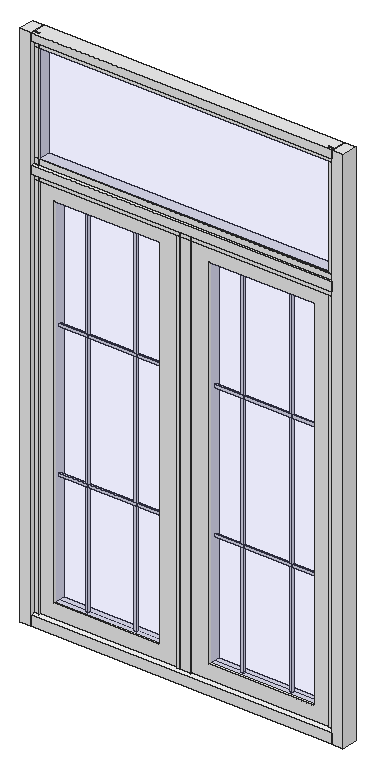
Revit family "Door_Curtain_Wall-Inswing_With_Transom-Traco-NX-8920-Double_Panel", category Curtain Panels, Revit 2015
Parameters (values of type "NX-8920 - Double_Panel-Transom")
  Water Resistance = 12.0000 psf
  Uniform Load Structural = 75.0000 psf
  Uniform Load Deflection = 50.0000 psf
  Transom Panel Width [instance] = Door Width - 0' 4 1/4"  # 5' - 1.25212"
  Transom Panel Height [instance] = Transom Height - 0' 1 1/4"  # 1' - 10 3/4"
  Transom Height [instance] = 2' - 0"
  Product data url = "https://bimobject.com/kawneerna/product/89202"
  Product Page URL = "http://www.alcoa.com/traco/en/product.asp?cat_id=1912&prod_id=4260"
  Product Documentation Link = "http://www.alcoa.com/traco/en/cad_spec.asp?cat_id=1912&prod_id=4260&area=prod"
  Panel Width [instance] = (Door Width / 2) - 0' 3"  # 2' - 5.75106"
  Panel Material [instance] = Aluminum - Traco - Anodized - Gray
  Panel Height [instance] = Door Height - 0' 2 1/2"  # 6' - 9 1/2"
  Muntin Type = Muntin-Grid-Traco-Lites : Interior
  Glass Material [instance] = Glass - Traco - Clear
  Frame Material [instance] = Aluminum - Traco - Anodized - Gray
  Door Width [instance] = if(CTRL Opening Width < Door Width Minimum, Door Width Minimum, if(CTRL Opening Width > Door Width Maximum, Door Width Maximum, CTRL Opening Width))  # 5' - 5.50212"
  Door Height [instance] = Overall Height - Transom Height  # 7' - 0"
  Door Base = 0' - 1 1/8"
  Copyright © = "2011 Traco"  # constant formula
  CTRL Opening Width [instance] = 5' - 5.50212"
  URL = "http://www.alcoa.com/traco/en/home.asp"
  U Factor = "0.40"
  Type Comments = "2 Panel with Transom"
  Test Size = "48\" X 96\""
  Overall Height [instance] = if(CTRL Opening Height < Door Height Minimum, Door Height Minimum, if(CTRL Opening Height > Door Height Maximum, Door Height Maximum, CTRL Opening Height))  # 9' - 0"
  Muntin [instance] = yes
  Model = "NX-8920 With Transom"
  Manufacturer = "Traco"  # constant formula
  CTRL Opening Height [instance] = 9' - 0"
  Forced Entry Resistance = ""
  Door Width Minimum [instance] = 4' - 0"
  Door Width Maximum [instance] = 8' - 0"
  Door Swing Angle [instance] = 90.00°
  Door Height Minimum [instance] = 6' - 0"
  Door Height Maximum [instance] = 10' - 0"
  Designation = "AAMA/WDMA/CSA 101/I.S.2/A-440-05: HS-C50 And AAMA/WDMA/CSA 101/I.S.2/A-440-08:AW-PG50-ATD"
  Description = "Double Door"
  Condensation Resistance = "48"
  Assembly Code = "B2020220"
  Allowable Air Infiltration Maximum = "0.1 @ 6.2 PSF"
Reference planes (in)
  plane 1 "Front": y = 0
  plane 2 "Bottom": z = 0
  plane 3 "Center (Left/Right)": x = 0
  plane 4 "Left": x = -32.75106
  plane 5 "Right": x = 32.75106
  plane 6 "Top": z = 108
  plane 7 "Door Base": z = 1.125
  plane 8 "Muntin Center F_B": y = 2
  plane 9 "Stop Back": y = 0.75
  plane 10 "Left Jamb": x = -30.50106
  plane 11 "Right Jamb": x = 30.50106
  plane 12 "Back": y = 3.25
  plane 13 "Muntin Anchor": y = 2
  plane 14 "Middle Rail Left": x = -0.875
  plane 15 "Middle Rail Right": x = 0.875
Lines and regions (in)
  symbolic lines, detail levels coarse
    curve 1: line (28.63729, 3.375, 0) -> (28.51229, 3.375, 0)
Text (in)
  text "Exterior" at (-54.29358, -19.61257, 0), in view "Ref. Level"
  text "Exterior" at (480, 41.53993, 89.60405), in view "Right"
  text "Exterior" at (-240, 57.82419, 105.78864), in view "Left"
Dimensions and locks (in)
  equal spacing: plane 4 "Left", plane 3 "Center (Left/Right)", plane 5 "Right"
  "Door Base": plane 2 "Bottom" to plane 7 "Door Base"
  "CTRL Opening Width": plane 4 "Left" to plane 5 "Right"
  "CTRL Opening Height": plane 6 "Top" to plane 2 "Bottom"
  "Overall Height": nested 2 to plane 2 "Bottom"
  locked: plane 1 "Front" to plane 9 "Stop Back" at 0.75
  locked: plane 4 "Left" to plane 10 "Left Jamb" at 2.25
  locked: plane 11 "Right Jamb" to plane 5 "Right" at 2.25
  locked: plane 1 "Front" to plane 12 "Back" at 3.25
  equal spacing: plane 12 "Back", plane 13 "Muntin Anchor", plane 9 "Stop Back"
  locked: plane 8 "Muntin Center F_B" to plane 13 "Muntin Anchor" at 0
  locked: plane 14 "Middle Rail Left" to plane 3 "Center (Left/Right)" at 0.875
  locked: plane 3 "Center (Left/Right)" to plane 15 "Middle Rail Right" at 0.875
  aligned and locked: level to plane 2 "Bottom"
  aligned: nested 1 to nested 2
  aligned: nested 1 to plane 7 "Door Base"
  aligned: plane 3 "Center (Left/Right)" to nested 2  (x2)
  aligned and locked: nested 2 to plane 2 "Bottom"
  aligned: plane 7 "Door Base" to nested 10
  aligned: plane 7 "Door Base" to nested 5  (x2)
  aligned and locked: plane 2 "Bottom" to nested 2
  aligned and locked: nested 4 to plane 9 "Stop Back"
  aligned and locked: plane 3 "Center (Left/Right)" to nested 2  (x2)
  aligned and locked: plane 9 "Stop Back" to nested 1
  aligned: plane 11 "Right Jamb" to nested 4  (x2)
  aligned and locked: plane 1 "Front" to nested 2
  aligned: nested 1 to plane 10 "Left Jamb"
  aligned: nested 5 to plane 11 "Right Jamb"
  aligned: nested 10 to plane 10 "Left Jamb"
  aligned and locked: nested 1 to plane 7 "Door Base"
  aligned and locked: plane 7 "Door Base" to nested 4
  aligned and locked: plane 7 "Door Base" to nested 10
  aligned and locked: nested 1 to plane 14 "Middle Rail Left"
  aligned and locked: nested 4 to plane 15 "Middle Rail Right"
  aligned and locked: plane 14 "Middle Rail Left" to nested 10
  aligned and locked: plane 7 "Door Base" to nested 5
  aligned and locked: nested 5 to plane 15 "Middle Rail Right"
  aligned and locked: nested 3 to plane 13 "Muntin Anchor"
  aligned and locked: plane 3 "Center (Left/Right)" to nested 3
  aligned and locked: nested 2 to nested 3
  aligned and locked: nested 4 to plane 12 "Back"
  aligned and locked: plane 12 "Back" to nested 1
Automatic sketch dimensions
  plane 8 "Muntin Center F_B" to curve 1 = 0' - 1 3/8"
  plane 5 "Right" to curve 1 = 0' - 4.23877"
  curve 1 to curve 1 = 0' - 0 1/8"
Nested families (in)
  nested 1: "Door-Glass_Panel-Traco-(TR-8920)" at (5.37394, 3.25, 1.125) x (-1, 0, 0) z (0, 0, 1), Width <- "Panel Width", Height <- "Panel Height", Panel Material <- "Panel Material", Glass Material <- "Glass Material", Angle <- "Door Swing Angle", type "S", detail levels fine
    with built-in parameter 1001301 2' - 5.75106", built-in parameter 1001302 0' - 2 1/2", Panel Offset 0' - 4 1/4", Panel Material Aluminum - Traco - Anodized - Gray, Panel Finish none, built-in parameter 1001300 6' - 9 1/2", Glazing "Low E-Argon", Glass Material Glass - Traco - Clear, Elevation Swing yes, Angle 90.00°
  nested 2: "Door_Frame-Inswing-Traco-(NX-8920)-Double_Panel_With_Transom" at (-24, 1.625, 0), type "Standard Sill"
    with Door Width 5' - 5.50212"
  nested 3: "Door-Glass_Panel-Traco-(TR-8920)-Transom" at (0, 3.25, 84), Height <- "Transom Panel Height", Width <- "Transom Panel Width", Panel Material <- "Panel Material", Glass Material <- "Glass Material", type "T", detail levels fine
    with built-in parameter 1001301 5' - 1.25212", built-in parameter 1001302 0' - 2 1/2", Panel Offset 0' - 4 1/4", Panel Material Aluminum - Traco - Anodized - Gray, Panel Finish none, built-in parameter 1001300 1' - 10 3/4", Glazing "Low E-Argon", Glass Material Glass - Traco - Clear
  nested 4: "Door-Glass_Panel-Traco-(TR-8920)" at (-5.37394, 3.25, 1.125), Width <- "Panel Width", Height <- "Panel Height", Panel Material <- "Panel Material", Glass Material <- "Glass Material", Angle <- "Door Swing Angle", type "S", detail levels fine
    with built-in parameter 1001301 2' - 5.75106", built-in parameter 1001302 0' - 2 1/2", Panel Offset 0' - 4 1/4", Panel Material Aluminum - Traco - Anodized - Gray, Panel Finish none, built-in parameter 1001300 6' - 9 1/2", Glazing "Low E-Argon", Glass Material Glass - Traco - Clear, Elevation Swing yes, Angle 90.00°
  nested 5: "Muntin-Grid-Traco-Lites" at (15.75053, 2, 41.875) x (-1, 0, 0) z (0, -1, 0), type <- "Muntin Type", Sash Height <- "Panel Height", Length <- "Panel Width", visible <- "Muntin", type "Interior"
    with Sash Height 6' - 9 1/2", Material Aluminum - Traco - Anodized - Gray, Length 2' - 5.75106", Glazing Thickness 0' - 0 7/8", CTRL Muntin Vertical Distance 2' - 3.16667", CTRL Muntin Horizontal Distance 0' - 9.91702", CTRL Face Offset 0' - 0 1/4", CTRL Bar Vertical Visibility no, CTRL Bar Horizontal Visibility no, CTRL Array Vertical Visibility yes, CTRL Array Horizontal Visibility yes, Has Interior Muntins yes, Has Exterior Muntins no
  nested 6: "Muntin-Trapezoid-Traco-Single" at (10.79202, 2.1875, 41.875) x (0, 0, -1) z (0, -1, 0), type "Standard Colonial"
    with Material Aluminum - Traco - Anodized - Gray, Length 6' - 9 1/2", Width Top 0' - 0 9/16", Width Base 0' - 0 9/16", Height 0' - 0 5/16"
  nested 7: "Muntin-Trapezoid-Traco-Single" at (15.75053, 2.1875, 55.45833) x (1, 0, 0) z (0, -1, 0), type "Standard Colonial"
    with Material Aluminum - Traco - Anodized - Gray, Length 2' - 5.75106", Width Top 0' - 0 9/16", Width Base 0' - 0 9/16", Height 0' - 0 5/16"
  nested 8: "Muntin-Trapezoid-Traco-Single" at (20.70904, 2.1875, 41.875) x (0, 0, -1) z (0, -1, 0), type "Standard Colonial"
    with Material Aluminum - Traco - Anodized - Gray, Length 6' - 9 1/2", Width Top 0' - 0 9/16", Width Base 0' - 0 9/16", Height 0' - 0 5/16"
  nested 9: "Muntin-Trapezoid-Traco-Single" at (15.75053, 2.1875, 28.29167) x (1, 0, 0) z (0, -1, 0), type "Standard Colonial"
    with Material Aluminum - Traco - Anodized - Gray, Length 2' - 5.75106", Width Top 0' - 0 9/16", Width Base 0' - 0 9/16", Height 0' - 0 5/16"
  nested 10: "Muntin-Grid-Traco-Lites" at (-15.75053, 2, 41.875) x (-1, 0, 0) z (0, -1, 0), type <- "Muntin Type", Sash Height <- "Panel Height", Length <- "Panel Width", visible <- "Muntin", type "Interior"
    with Sash Height 6' - 9 1/2", Material Aluminum - Traco - Anodized - Gray, Length 2' - 5.75106", Glazing Thickness 0' - 0 7/8", CTRL Muntin Vertical Distance 2' - 3.16667", CTRL Muntin Horizontal Distance 0' - 9.91702", CTRL Face Offset 0' - 0 1/4", CTRL Bar Vertical Visibility no, CTRL Bar Horizontal Visibility no, CTRL Array Vertical Visibility yes, CTRL Array Horizontal Visibility yes, Has Interior Muntins yes, Has Exterior Muntins no
  nested 11: "Muntin-Trapezoid-Traco-Single" at (-20.70904, 2.1875, 41.875) x (0, 0, -1) z (0, -1, 0), type "Standard Colonial"
    with Material Aluminum - Traco - Anodized - Gray, Length 6' - 9 1/2", Width Top 0' - 0 9/16", Width Base 0' - 0 9/16", Height 0' - 0 5/16"
  nested 12: "Muntin-Trapezoid-Traco-Single" at (-15.75053, 2.1875, 55.45833) x (1, 0, 0) z (0, -1, 0), type "Standard Colonial"
    with Material Aluminum - Traco - Anodized - Gray, Length 2' - 5.75106", Width Top 0' - 0 9/16", Width Base 0' - 0 9/16", Height 0' - 0 5/16"
  nested 13: "Muntin-Trapezoid-Traco-Single" at (-10.79202, 2.1875, 41.875) x (0, 0, -1) z (0, -1, 0), type "Standard Colonial"
    with Material Aluminum - Traco - Anodized - Gray, Length 6' - 9 1/2", Width Top 0' - 0 9/16", Width Base 0' - 0 9/16", Height 0' - 0 5/16"
  nested 14: "Muntin-Trapezoid-Traco-Single" at (-15.75053, 2.1875, 28.29167) x (1, 0, 0) z (0, -1, 0), type "Standard Colonial"
    with Material Aluminum - Traco - Anodized - Gray, Length 2' - 5.75106", Width Top 0' - 0 9/16", Width Base 0' - 0 9/16", Height 0' - 0 5/16"
Definition of nested family "Door-Glass_Panel-Traco-(TR-8920)"
  Parameters
    Width [instance] = 3' - 0"
    Visible Light Transmission = 0
    URL = "www.integratedcontentsolutions.com"
    U Value = 0
    Type Comments = "Panel theory and model developed by Integrated Content Solutions"  # constant formula
    Thickness [instance] = 0' - 2 3/4"
    Style Right = 0' - 4 1/8"
    Style Left = 0' - 4 1/8"
    Solar Heat Gain Coefficient = 0
    Rail Head = 0' - 4 1/8"
    Rail Bottom = 0' - 4 1/8"
    R Value = 0
    Product Documentation Link = "www.integratedcontentsolutions.com"
    Panel Offset [instance] = 0' - 4 1/4"
    Panel Material [instance] = none
    Panel Finish [instance] = none
    Manufacturer = "Integrated Content Solutions"  # constant formula
    LEED Credit = ""
    Hidden Swing Angle = 90.00°
    Height [instance] = 7' - 0"
    Glazing [instance] = "Low E-Argon"
    Glass Material [instance] = none
    Function = 1
    Energy Star Zone = ""
    Elevation Swing [instance] = yes
    Copyright © = "Integrated Content Solutions © 2009"  # constant formula
    Assembly Code = "C1020110"
    Appear In Schedule = 0 = 1  # no
    Angle [instance] = 90.00°
    Air Leakage = 0
  Reference planes (in)
    plane 1 "Exterior": y = 0
    plane 2 "Bottom": z = 0
    plane 3 "Strike": x = 0
    plane 4 "Interior": y = -2.75
    plane 5 "Hinge": x = 36
    plane 6 "Top": z = 84
    plane 7 "Panel Center of Thickness": y = -1.375
    plane 8 "Glass Interior": y = -2.125
    plane 9 "Glass Exterior": y = -1.125
    plane 10 "Left Inset": x = 4.125
    plane 11 "Right Inset": x = 31.875
    plane 12 "Top Inset": z = 79.875
    plane 13 "Bottom Inset": z = 4.125
    plane 14 "Center L_R": x = 18
  Forms (in)
    Extrusion 1, solid, material <- "Panel Material"
      sketch origin (0, 0, 0) x (1, 0, 0) y (0, 0, 1)
        loop
          line (0, 84) -> (0, 0) -> (36, 0) -> (36, 84) -> (0, 84)
        loop
          line (4.125, 79.875) -> (4.125, 4.125) -> (31.875, 4.125) -> (31.875, 79.875) -> (4.125, 79.875)
      from 0 to 2.75
    Extrusion 2, solid, material <- "Glass Material"
      sketch origin (0, -2.75, 0) x (1, 0, 0) y (0, 0, 1)
        loop
          line (4.125, 79.875) -> (4.125, 4.125) -> (31.875, 4.125) -> (31.875, 79.875) -> (4.125, 79.875)
      from -1.625 to -0.625
  Lines and regions (in)
    Masking region 1
      outline origin (0, 0, 84) x (-1, 0, 0) y (0, -1, 0)
        loop
          line (0, 2.75) -> (-36, 2.75) -> (-36, 0) -> (0, 0) -> (0, 2.75)
    Masking region 2
      outline origin (0, -1.375, 0) x (-1, 0, 0) y (0, 0, 1)
        loop
          line (0, 0) -> (0, 84) -> (-36, 84) -> (-36, 0) -> (0, 0)
        loop
          line (-4.125, 4.125) -> (-4.125, 79.875) -> (-31.875, 79.875) -> (-31.875, 4.125) -> (-4.125, 4.125)
    Masking region 3
      outline origin (18, 0, 0) x (0, 1, 0) y (0, 0, 1)
        loop
          line (-2.75, 0) -> (0, 0) -> (0, 84) -> (-2.75, 84) -> (-2.75, 0)
  Dimensions and locks (in)
    "Width": plane 3 "Strike" to plane 5 "Hinge"
    "Thickness": plane 4 "Interior" to plane 1 "Exterior"
    "Height": plane 6 "Top" to plane 2 "Bottom"
    equal spacing: plane 4 "Interior", plane 7 "Panel Center of Thickness", plane 1 "Exterior"
    locked: plane 9 "Glass Exterior" to plane 8 "Glass Interior" at 1
    "Style Left": plane 10 "Left Inset" to plane 3 "Strike"
    "Style Right": plane 5 "Hinge" to plane 11 "Right Inset"
    "Rail Bottom": plane 13 "Bottom Inset" to plane 2 "Bottom"
    "Rail Head": plane 6 "Top" to plane 12 "Top Inset"
    locked: plane 9 "Glass Exterior" to plane 1 "Exterior" at 1.125
    equal spacing: plane 3 "Strike", plane 14 "Center L_R", plane 5 "Hinge"
    aligned and locked: plane 3 "Strike" to Extrusion 1 sketch curve
    aligned and locked: Extrusion 1 sketch curve to plane 6 "Top"
    aligned and locked: level to Extrusion 1 sketch curve
    aligned and locked: Extrusion 1 sketch curve to plane 5 "Hinge"
    aligned and locked: Extrusion 1 to plane 1 "Exterior"
    aligned and locked: plane 4 "Interior" to Extrusion 1
    aligned and locked: plane 1 "Exterior" to nested 1
    aligned and locked: plane 5 "Hinge" to nested 1
    aligned and locked: level to plane 2 "Bottom"
    aligned and locked: plane 10 "Left Inset" to Extrusion 1 sketch curve
    aligned and locked: Extrusion 1 sketch curve to plane 12 "Top Inset"
    aligned and locked: plane 13 "Bottom Inset" to Extrusion 1 sketch curve
    aligned and locked: Extrusion 1 sketch curve to plane 11 "Right Inset"
    aligned and locked: plane 10 "Left Inset" to Extrusion 2 sketch curve
    aligned and locked: Extrusion 2 sketch curve to plane 12 "Top Inset"
    aligned and locked: plane 13 "Bottom Inset" to Extrusion 2 sketch curve
    aligned and locked: Extrusion 2 sketch curve to plane 11 "Right Inset"
    aligned and locked: plane 9 "Glass Exterior" to Extrusion 2
    aligned and locked: Extrusion 2 to plane 8 "Glass Interior"
    aligned and locked: Masking region 1 sketch curve to plane 1 "Exterior"
    aligned and locked: plane 5 "Hinge" to Masking region 1 sketch curve
    aligned and locked: plane 4 "Interior" to Masking region 1 sketch curve
    aligned and locked: Masking region 1 sketch curve to plane 3 "Strike"
    aligned and locked: plane 6 "Top" to Masking region 2 sketch curve
    aligned and locked: Masking region 2 sketch curve to plane 3 "Strike"
    aligned and locked: plane 5 "Hinge" to Masking region 2 sketch curve
    aligned and locked: Masking region 2 sketch curve to plane 2 "Bottom"
    aligned and locked: plane 12 "Top Inset" to Masking region 2 sketch curve
    aligned and locked: Masking region 2 sketch curve to plane 10 "Left Inset"
    aligned and locked: plane 11 "Right Inset" to Masking region 2 sketch curve
    aligned and locked: Masking region 2 sketch curve to plane 13 "Bottom Inset"
    aligned and locked: plane 6 "Top" to Masking region 3 sketch curve
    aligned and locked: plane 4 "Interior" to Masking region 3 sketch curve
    aligned and locked: Masking region 3 sketch curve to plane 1 "Exterior"
    aligned and locked: Masking region 3 sketch curve to plane 2 "Bottom"
  Nested families (in)
    nested 1: "Plan Swing" at (0, 0, 0), Width <- "Width", Thickness <- "Thickness", Height <- "Height", Angle <- "Angle", Elevation Swing Visibility <- "Elevation Swing", Hidden Swing Angle <- "Hidden Swing Angle", type "Plan Swing"
      with Width 3' - 0", Thickness 0' - 2 3/4", Slide Indicator Visbility no, Plan Swing Visibility yes, Hidden Swing Visibility no, Hidden Swing Angle 90.00°, Hidden Angle CTRL 90.00°, Height 7' - 0", Elevation Swing Visibility yes, Closed Panel Visaibilty no, Angle CTRL 90.00°, Angle 90.00°
  Definition of nested family "Plan Swing"
    Parameters
      Width [instance] = 3' - 0"
      URL = "www.integratedcontentsolutions.com"
      Type Comments = "Swing graphics developed by Integrated Content Solutions"  # constant formula
      Thickness [instance] = 0' - 2"
      Slide Indicator Visbility [instance] = no
      Plan Swing Visibility [instance] = Angle > 0.00°  # yes
      Manufacturer = "Integrated Content Solutions"  # constant formula
      Hidden Swing Visibility [instance] = yes
      Hidden Swing Angle [instance] = 90.00°
      Hidden Angle CTRL [instance] = if(Hidden Swing Angle < 5.00°, 5.00°, if(Hidden Swing Angle > 175.00°, 175.00°, Hidden Swing Angle))  # 90.00°
      Height [instance] = 7' - 0"
      Elevation Swing Visibility [instance] = yes
      Copyright © = "Integrated Content Solutions © 2009"  # constant formula
      Closed Panel Visaibilty [instance] = Angle = 0.00°  # no
      Assembly Code = ""
      Angle CTRL [instance] = if(Angle < 5.00°, 5.00°, if(Angle > 175.00°, 175.00°, Angle))  # 45.00°
      Angle [instance] = 45.00°
    Reference planes (in)
      plane 1 "Exterior": y = 0
      plane 2 "Bottom": z = 0
      plane 3 "Strike": x = 0
      plane 4 "Hinge": x = 36
      plane 5 "Top": z = 84
      plane 6 "Interior": y = -2
    Lines and regions (in)
      model lines
        curve 1: line (0, 0, 0) -> (0, -2, 0)
        curve 2: line (36, -2, 0) -> (36, 0, 0)
      symbolic lines, visible <- "Plan Swing Visibility"
        curve 3: line (36, 0, 0) -> (10.54416, 25.45584, 0)
        curve 4: line (10.54416, 25.45584, 0) -> (9.12994, 24.04163, 0)
        curve 5: line (9.12994, 24.04163, 0) -> (34.58579, -1.41421, 0)
        curve 6: line (34.58579, -1.41421, 0) -> (36, 0, 0)
        curve 13: arc (10.54416, 25.45584, 0) -> (2.74034, 13.7766, 0) -> (0, 0, 0) r 36
      symbolic lines, visible <- "Elevation Swing Visibility"
        curve 7: line (0, -2, 84) -> (36, -2, 42)
        curve 8: line (36, -2, 42) -> (0, -2, 0)
      symbolic lines, visible <- "Hidden Swing Visibility"
        curve 9: line (36, 0, 0) -> (36, 36, 0)
        curve 10: line (36, 36, 0) -> (34, 36, 0)
        curve 11: line (34, 36, 0) -> (34, 0, 0)
        curve 12: line (34, 0, 0) -> (36, 0, 0)
        curve 18: arc (0, 0, 0) -> (10.54416, 25.45584, 0) -> (36, 36, 0) r 36
      symbolic lines, visible <- "Closed Panel Visaibilty"
        curve 14: line (0, 0, 0) -> (36, 0, 0)
        curve 15: line (0, -2, 0) -> (0, 0, 0)
        curve 16: line (36, -2, 0) -> (0, -2, 0)
        curve 17: line (36, 0, 0) -> (36, -2, 0)
      symbolic lines, visible <- "Slide Indicator Visbility"
        curve 19: line (18, -2, 42.16893) -> (15.87868, -2, 44.29025)
        curve 20: line (18, -2, 42.16893) -> (15.87868, -2, 40.04761)
        curve 21: line (18, -2, 42.16893) -> (9, -2, 42.16893)
    Dimensions and locks (in)
      "Width": plane 3 "Strike" to plane 4 "Hinge"
      "Height": plane 5 "Top" to plane 2 "Bottom"
      equal spacing: plane 5 "Top", curve 8, plane 2 "Bottom"
      "Thickness": plane 6 "Interior" to plane 1 "Exterior"
      "Thickness": curve 3 to curve 5
      "Width": curve 6 to curve 4
      "Width": curve 9 to curve 9
      "Thickness": curve 9 to curve 11
      locked: curve 21 to curve 21 at 9
      equal spacing: plane 4 "Hinge", curve 21, plane 3 "Strike"
      locked: curve 3 to curve 6 (angle 90.00°)
      locked: curve 5 to curve 6 (angle 90.00°)
      locked: curve 4 to curve 3 (angle 90.00°)
      locked: curve 9 to curve 12 (angle 90.00°)
      locked: curve 11 to curve 12 (angle 90.00°)
      locked: curve 10 to curve 9 (angle 90.00°)
      "Hidden Angle CTRL": angle curve 9 to plane 1 "Exterior"
      "Angle CTRL": angle curve 3 to plane 1 "Exterior"
      aligned and locked: plane 2 "Bottom" to level
      aligned and locked: plane 1 "Exterior" to curve 2
      aligned and locked: plane 4 "Hinge" to curve 2
      aligned and locked: plane 6 "Interior" to curve 1
      aligned and locked: plane 6 "Interior" to curve 2
      aligned and locked: plane 4 "Hinge" to curve 9
      aligned and locked: curve 1 to plane 3 "Strike"
      aligned and locked: plane 3 "Strike" to curve 15
      aligned and locked: plane 1 "Exterior" to curve 14
    Automatic sketch dimensions
      curve 8 to level = 0' - 0"
      curve 8 to plane 3 "Strike" = 0' - 0"
      curve 7 to plane 3 "Strike" = 0' - 0"
      curve 7 to plane 4 "Hinge" = 0' - 0"
      curve 7 to plane 5 "Top" = 0' - 0"
      curve 19 to curve 20 = 0' - 0"
      curve 20 to curve 20 = 0' - 2.12132"
      curve 20 to curve 7 = 0' - 1.95239"
      curve 20 to curve 19 = 0' - 2.12132"
Definition of nested family "Door_Frame-Inswing-Traco-(NX-8920)-Double_Panel_With_Transom"
  Parameters
    Transom Height = 2' - 0"
    Mullion Thickness = 0' - 2 3/4"
    Jamb Thickness = 0' - 2 1/4"
    Head Thickness = 0' - 1 3/4"
    Frame Material = none
    Frame Depth = 0' - 3 1/4"
    Door Width = 8' - 0"
    Door Height = 7' - 0"
    Assembly Code = ""
  Reference planes (in)
    plane 1 "Center (Front/Back)": y = 0
    plane 2 "Bottom": z = 0
    plane 3 "Center (Left/Right)": x = 24
    plane 4 "Interior": y = 1.625
    plane 5 "Exterior": y = -1.625
    plane 6 "Left Side": x = -24
    plane 7 "Top of Frame": z = 84
    plane 8 "Inside Frame Left Side": x = -21.75
    plane 9 "Inside Frame Right Side": x = 69.75
    plane 10 "Transition": z = 82.25
    plane 11 "Bottom Inset": z = 1.5
    plane 12 "Right Side": x = 72
    plane 13 "Mullion Left Side": x = 22.625
    plane 14 "Mullion Right Side": x = 25.375
    plane 15 "Top": z = 108
    plane 16 "Top Inset": z = 106.5
    plane 17 "Left Jamb": x = -20.625
    plane 18 "Stop Front": y = -1
    plane 19 "Stop Back": y = -0.875
    plane 20 "Middle Rail Left": x = 23.125
    plane 21 "Middle Rail Right": x = 24.875
    plane 22 "Right Jamb": x = 68.625
    plane 23 "Bottom Panel": z = 2.5
    plane 24 "Panel Top": z = 81.125
    plane 25 "Transon Bottom": z = 85.125
    plane 26 "Transom Top": z = 105.375
    plane 27 "Bottom Double Inset": z = 2
  Forms (in)
    Extrusion 1, solid, material <- "Frame Material"
      sketch origin (24, 0, 0) x (0, 1, 0) y (0, 0, 1)
        loop
          line (-1.625, 0) -> (1.625, 0) -> (1.625, 1.5) -> (-0.875, 1.5) -> (-0.875, 2.5) -> (-1.625, 2) -> (-1.625, 0)
      from -45.75 to 45.75
    Extrusion 2, solid, material <- "Frame Material"
      sketch origin (0, 0, 0) x (1, 0, 0) y (0, 1, 0)
        loop
          line (-24, 1.625) -> (-24, -1.625) -> (-21.75, -1.625) -> (-21.75, -1) -> (-20.625, -1) -> (-20.625, -0.875) -> (-21.75, -0.875) -> (-21.75, 1.625) -> (-24, 1.625)
        loop
          line (72, 1.625) -> (69.75, 1.625) -> (69.75, -0.875) -> (68.625, -0.875) -> (68.625, -1) -> (69.75, -1) -> (69.75, -1.625) -> (72, -1.625) -> (72, 1.625)
      from 0 to 108
    Extrusion 3, solid, material <- "Frame Material"
      sketch origin (0, 0, 0) x (1, 0, 0) y (0, 1, 0)
        loop
          line (23.125, 1.625) -> (23.125, -0.875) -> (22.625, -0.875) -> (22.625, -1) -> (25.375, -1) -> (25.375, -0.875) -> (24.875, -0.875) -> (24.875, 1.625) -> (23.125, 1.625)
      from 2 to 82.25
    Extrusion 4, solid, material <- "Frame Material"
      sketch origin (0.2506, 0, 0) x (0, 1, 0) y (0, 0, 1)
        loop
          line (1.625, 108) -> (-1.625, 108) -> (-1.625, 106.5) -> (-1, 106.5) -> (-1, 105.375) -> (-0.875, 105.375) -> (-0.875, 106.5) -> (1.625, 106.5) -> (1.625, 108)
      from -22.0006 to 69.4994
    Extrusion 5, solid, material <- "Frame Material"
      sketch origin (-0.88422, 0, 0) x (0, 1, 0) y (0, 0, 1)
        loop
          line (1.625, 84) -> (-0.875, 84) -> (-0.875, 85.125) -> (-1, 85.125) -> (-1, 84) -> (-1.625, 84) -> (-1.625, 82.25) -> (-1, 82.25) -> (-1, 81.125) -> (-0.875, 81.125) -> (-0.875, 82.25) -> (1.625, 82.25) -> (1.625, 84)
      from -20.86578 to 70.63422
  Lines and regions (in)
    Masking region 1
      outline origin (0, 0, 84) x (-1, 0, 0) y (0, -1, 0)
        loop
          line (24, 1.625) -> (-72, 1.625) -> (-72, -1.625) -> (24, -1.625) -> (24, 1.625)
    Masking region 2
      outline origin (0, 0, 0) x (1, 0, 0) y (0, 0, 1)
        loop
          line (-24, 108) -> (-24, 0) -> (72, 0) -> (72, 108) -> (-24, 108)
        loop
          line (-20.625, 85.125) -> (68.625, 85.125) -> (68.625, 105.375) -> (-20.625, 105.375) -> (-20.625, 85.125)
        loop
          line (-20.625, 81.125) -> (-20.625, 2.5) -> (22.625, 2.5) -> (22.625, 81.125) -> (-20.625, 81.125)
        loop
          line (25.375, 81.125) -> (25.375, 2.5) -> (68.625, 2.5) -> (68.625, 81.125) -> (25.375, 81.125)
    Masking region 3
      outline origin (24, 0, 0) x (0, 1, 0) y (0, 0, 1)
        loop
          line (-1.625, 0) -> (1.625, 0) -> (1.625, 108) -> (-1.625, 108) -> (-1.625, 0)
    symbolic lines, detail levels medium+fine
      curve 1: line (-21.75, 1.625, 84) -> (-21.75, -0.875, 84)
      curve 2: line (-21.75, -0.875, 84) -> (-20.625, -0.875, 84)
      curve 3: line (-20.625, -0.875, 84) -> (-20.625, -1, 84)
      curve 4: line (-20.625, -1, 84) -> (-21.75, -1, 84)
      curve 5: line (-21.75, -1, 84) -> (-21.75, -1.625, 84)
      curve 6: line (23.125, 1.625, 84) -> (23.125, -0.875, 84)
      curve 7: line (23.125, -0.875, 84) -> (22.625, -0.875, 84)
      curve 8: line (22.625, -0.875, 84) -> (22.625, -1, 84)
      curve 9: line (22.625, -1, 84) -> (25.375, -1, 84)
      curve 10: line (25.375, -1, 84) -> (25.375, -0.875, 84)
      curve 11: line (25.375, -0.875, 84) -> (24.875, -0.875, 84)
      curve 12: line (24.875, -0.875, 84) -> (24.875, 1.625, 84)
      curve 13: line (69.75, 1.625, 84) -> (69.75, -0.875, 84)
      curve 14: line (69.75, -0.875, 84) -> (68.625, -0.875, 84)
      curve 15: line (68.625, -0.875, 84) -> (68.625, -1, 84)
      curve 16: line (68.625, -1, 84) -> (69.75, -1, 84)
      curve 17: line (69.75, -1, 84) -> (69.75, -1.625, 84)
      curve 18: line (-21.75, 0, 0) -> (-21.75, 0, 108)
      curve 19: line (69.75, 0, 108) -> (69.75, 0, 0)
      curve 20: line (23.125, 0, 2) -> (23.125, 0, 82.25)
      curve 21: line (24.875, 0, 82.25) -> (24.875, 0, 2)
      curve 22: line (-21.75, 0, 2.5) -> (-20.625, 0, 2.5)
      curve 23: line (-20.625, 0, 2) -> (-20.625, 0, 2.5)
      curve 24: line (23.125, 0, 2.5) -> (22.625, 0, 2.5)
      curve 25: line (22.625, 0, 2) -> (22.625, 0, 2.5)
      curve 26: line (24.875, 0, 2.5) -> (25.375, 0, 2.5)
      curve 27: line (25.375, 0, 2.5) -> (25.375, 0, 2)
      curve 28: line (69.75, 0, 2) -> (-21.75, 0, 2)
      curve 29: line (69.75, 0, 2.5) -> (68.625, 0, 2.5)
      curve 30: line (68.625, 0, 2) -> (68.625, 0, 2.5)
      curve 31: line (-21.75, 0, 82.25) -> (69.75, 0, 82.25)
      curve 32: line (-21.75, 0, 81.125) -> (-20.625, 0, 81.125)
      curve 33: line (-20.625, 0, 81.125) -> (-20.625, 0, 82.25)
      curve 34: line (-21.75, 0, 85.125) -> (-20.625, 0, 85.125)
      curve 35: line (-20.625, 0, 85.125) -> (-20.625, 0, 84)
      curve 36: line (-21.75, 0, 84) -> (69.75, 0, 84)
      curve 37: line (68.625, 0, 84) -> (68.625, 0, 85.125)
      curve 38: line (68.625, 0, 85.125) -> (69.75, 0, 85.125)
      curve 39: line (68.625, 0, 82.25) -> (68.625, 0, 81.125)
      curve 40: line (68.625, 0, 81.125) -> (69.75, 0, 81.125)
      curve 41: line (23.125, 0, 81.125) -> (22.625, 0, 81.125)
      curve 42: line (22.625, 0, 81.125) -> (22.625, 0, 82.25)
      curve 43: line (24.875, 0, 81.125) -> (25.375, 0, 81.125)
      curve 44: line (25.375, 0, 82.25) -> (25.375, 0, 81.125)
      curve 45: line (-21.75, 0, 106.5) -> (69.75, 0, 106.5)
      curve 46: line (68.625, 0, 106.5) -> (68.625, 0, 105.375)
      curve 47: line (68.625, 0, 105.375) -> (69.75, 0, 105.375)
      curve 48: line (-21.75, 0, 105.375) -> (-20.625, 0, 105.375)
      curve 49: line (-20.625, 0, 105.375) -> (-20.625, 0, 106.5)
  Dimensions and locks (in)
    equal spacing: plane 4 "Interior", plane 1 "Center (Front/Back)", plane 5 "Exterior"
    "Frame Depth": plane 4 "Interior" to plane 5 "Exterior"
    "Head Thickness": plane 7 "Top of Frame" to plane 10 "Transition"
    "Jamb Thickness": plane 6 "Left Side" to plane 8 "Inside Frame Left Side"
    "Door Height": plane 7 "Top of Frame" to plane 2 "Bottom"
    plane 11 "Bottom Inset" to plane 2 "Bottom" = 0' - 1 1/2"
    equal spacing: plane 6 "Left Side", plane 3 "Center (Left/Right)", plane 12 "Right Side"
    "Door Width": plane 12 "Right Side" to plane 6 "Left Side"
    "Jamb Thickness": plane 12 "Right Side" to plane 9 "Inside Frame Right Side"
    equal spacing: plane 13 "Mullion Left Side", plane 3 "Center (Left/Right)", plane 14 "Mullion Right Side"
    "Mullion Thickness": plane 13 "Mullion Left Side" to plane 14 "Mullion Right Side"
    "Transom Height": plane 15 "Top" to plane 7 "Top of Frame"
    locked: plane 15 "Top" to plane 16 "Top Inset" at 1.5
    locked: Extrusion 5 sketch curve to Extrusion 5 sketch curve at 1.125
    locked: plane 8 "Inside Frame Left Side" to plane 17 "Left Jamb" at 1.125
    locked: plane 22 "Right Jamb" to plane 9 "Inside Frame Right Side" at 1.125
    locked: plane 13 "Mullion Left Side" to plane 20 "Middle Rail Left" at 0.5
    locked: plane 21 "Middle Rail Right" to plane 14 "Mullion Right Side" at 0.5
    locked: plane 23 "Bottom Panel" to plane 11 "Bottom Inset" at 1
    locked: plane 10 "Transition" to plane 24 "Panel Top" at 1.125
    locked: plane 25 "Transon Bottom" to plane 7 "Top of Frame" at 1.125
    locked: plane 16 "Top Inset" to plane 26 "Transom Top" at 1.125
    locked: plane 27 "Bottom Double Inset" to plane 11 "Bottom Inset" at 0.5
    aligned and locked: level to plane 2 "Bottom"
    aligned and locked: plane 11 "Bottom Inset" to Extrusion 1 sketch curve
    aligned and locked: plane 4 "Interior" to Extrusion 1 sketch curve
    aligned and locked: plane 8 "Inside Frame Left Side" to Extrusion 1
    aligned and locked: Extrusion 1 to plane 9 "Inside Frame Right Side"
    aligned and locked: Extrusion 2 sketch curve to plane 4 "Interior"
    aligned and locked: Extrusion 2 sketch curve to plane 6 "Left Side"
    aligned and locked: Extrusion 2 sketch curve to Extrusion 1  (x2)
    aligned: plane 7 "Top of Frame" to Extrusion 2
    aligned and locked: Extrusion 3 sketch curve to Extrusion 1
    aligned and locked: plane 10 "Transition" to Extrusion 3
    aligned and locked: plane 15 "Top" to Extrusion 4
    aligned and locked: plane 16 "Top Inset" to Extrusion 4
    aligned and locked: plane 8 "Inside Frame Left Side" to Extrusion 4
    aligned and locked: Extrusion 4 to plane 9 "Inside Frame Right Side"
    aligned and locked: plane 15 "Top" to Extrusion 2
    aligned and locked: plane 8 "Inside Frame Left Side" to Extrusion 5
    aligned and locked: Extrusion 5 to plane 9 "Inside Frame Right Side"
    aligned and locked: plane 4 "Interior" to Masking region 1 sketch curve
    aligned and locked: plane 5 "Exterior" to Masking region 1 sketch curve
    aligned and locked: plane 6 "Left Side" to Masking region 1 sketch curve
    aligned and locked: plane 12 "Right Side" to Masking region 1 sketch curve
    aligned and locked: Masking region 2 to plane 17 "Left Jamb"  (x2)
    aligned and locked: plane 23 "Bottom Panel" to Masking region 2
    aligned and locked: plane 13 "Mullion Left Side" to Masking region 2
    aligned and locked: Masking region 2 to plane 24 "Panel Top"  (x2)
    aligned and locked: Masking region 2 to plane 14 "Mullion Right Side"
    aligned and locked: plane 15 "Top" to Masking region 2
    aligned and locked: plane 6 "Left Side" to Masking region 2
    aligned and locked: plane 12 "Right Side" to Masking region 2
    aligned and locked: Masking region 2 to plane 2 "Bottom"
    aligned and locked: plane 26 "Transom Top" to Masking region 2
    aligned and locked: plane 25 "Transon Bottom" to Masking region 2
    aligned and locked: plane 22 "Right Jamb" to Masking region 2  (x2)
    aligned and locked: Masking region 2 sketch curve to plane 6 "Left Side"
    aligned and locked: plane 2 "Bottom" to Masking region 2 sketch curve
    aligned and locked: plane 23 "Bottom Panel" to Masking region 2 sketch curve  (x2)
    aligned and locked: Masking region 2 sketch curve to plane 12 "Right Side"
    aligned and locked: plane 22 "Right Jamb" to Masking region 2 sketch curve
    aligned and locked: Masking region 2 sketch curve to plane 14 "Mullion Right Side"
    aligned and locked: plane 13 "Mullion Left Side" to Masking region 2 sketch curve
    aligned and locked: Masking region 2 sketch curve to plane 17 "Left Jamb"
    aligned and locked: Masking region 2 sketch curve to plane 24 "Panel Top"  (x2)
    aligned and locked: Masking region 2 sketch curve to plane 25 "Transon Bottom"
    aligned and locked: plane 17 "Left Jamb" to Masking region 2 sketch curve
    aligned and locked: Masking region 2 sketch curve to plane 26 "Transom Top"
    aligned and locked: Masking region 2 sketch curve to plane 22 "Right Jamb"
    aligned and locked: plane 8 "Inside Frame Left Side" to curve 5
    aligned and locked: curve 4 to plane 18 "Stop Front"
    aligned and locked: plane 17 "Left Jamb" to curve 3
    aligned and locked: plane 19 "Stop Back" to curve 2
    aligned and locked: plane 8 "Inside Frame Left Side" to curve 1
    aligned and locked: plane 20 "Middle Rail Left" to curve 6
    aligned and locked: curve 7 to plane 19 "Stop Back"
    aligned and locked: plane 13 "Mullion Left Side" to curve 8
    aligned and locked: plane 18 "Stop Front" to curve 9
    aligned and locked: curve 10 to plane 14 "Mullion Right Side"
    aligned and locked: curve 11 to plane 19 "Stop Back"
    aligned and locked: curve 12 to plane 21 "Middle Rail Right"
    aligned and locked: plane 9 "Inside Frame Right Side" to curve 17
    aligned and locked: plane 18 "Stop Front" to curve 16
    aligned and locked: plane 22 "Right Jamb" to curve 15
    aligned and locked: curve 14 to plane 19 "Stop Back"
    aligned and locked: plane 9 "Inside Frame Right Side" to curve 13
    aligned and locked: plane 2 "Bottom" to Masking region 3 sketch curve
    aligned and locked: Masking region 3 sketch curve to plane 5 "Exterior"
    aligned and locked: Masking region 3 sketch curve to plane 4 "Interior"
    aligned and locked: Masking region 3 sketch curve to plane 15 "Top"
    aligned and locked: plane 16 "Top Inset" to curve 45
    aligned and locked: curve 18 to plane 8 "Inside Frame Left Side"
    aligned and locked: curve 49 to plane 17 "Left Jamb"
    aligned and locked: plane 26 "Transom Top" to curve 48
    aligned and locked: plane 9 "Inside Frame Right Side" to curve 19
    aligned and locked: plane 26 "Transom Top" to curve 47
    aligned and locked: plane 22 "Right Jamb" to curve 46
    aligned and locked: curve 38 to plane 25 "Transon Bottom"
    aligned and locked: curve 37 to plane 22 "Right Jamb"
    aligned and locked: curve 36 to plane 7 "Top of Frame"
    aligned and locked: plane 22 "Right Jamb" to curve 39
    aligned and locked: curve 40 to plane 24 "Panel Top"
    aligned and locked: curve 32 to plane 24 "Panel Top"
    aligned and locked: curve 33 to plane 17 "Left Jamb"
    aligned and locked: plane 17 "Left Jamb" to curve 35
    aligned and locked: curve 34 to plane 25 "Transon Bottom"
    aligned and locked: curve 31 to plane 10 "Transition"
    aligned and locked: curve 42 to plane 13 "Mullion Left Side"
    aligned and locked: plane 24 "Panel Top" to curve 41
    aligned and locked: curve 20 to plane 20 "Middle Rail Left"
    aligned and locked: plane 21 "Middle Rail Right" to curve 21
    aligned and locked: plane 14 "Mullion Right Side" to curve 44
    aligned and locked: curve 43 to plane 24 "Panel Top"
    aligned and locked: plane 14 "Mullion Right Side" to curve 27
    aligned and locked: curve 26 to plane 23 "Bottom Panel"
    aligned and locked: plane 23 "Bottom Panel" to curve 24
    aligned and locked: curve 25 to plane 13 "Mullion Left Side"
    aligned and locked: plane 27 "Bottom Double Inset" to curve 28
    aligned and locked: curve 23 to plane 17 "Left Jamb"
    aligned and locked: curve 22 to plane 23 "Bottom Panel"
    aligned and locked: plane 23 "Bottom Panel" to curve 29
    aligned and locked: curve 30 to plane 22 "Right Jamb"
  Automatic sketch dimensions
    Extrusion 1 sketch curve to level = 0' - 0"
    Extrusion 1 sketch curve to plane 5 "Exterior" = 0' - 0 3/4"
    Extrusion 1 sketch curve to plane 5 "Exterior" = 0' - 0"
    Extrusion 1 sketch curve to Extrusion 1 sketch curve = 0' - 0 1/2"
    plane 11 "Bottom Inset" to Extrusion 1 sketch curve = 0' - 0 1/2"
    Extrusion 2 sketch curve to plane 8 "Inside Frame Left Side" = 0' - 0"
    Extrusion 2 sketch curve to plane 9 "Inside Frame Right Side" = 0' - 0"  (x2)
    plane 4 "Interior" to Extrusion 2 sketch curve = 0' - 0"
    Extrusion 2 sketch curve to plane 12 "Right Side" = 0' - 0"
    plane 5 "Exterior" to Extrusion 2 sketch curve = 0' - 0"
    Extrusion 2 sketch curve to plane 8 "Inside Frame Left Side" = 0' - 1 1/8"
    Extrusion 2 sketch curve to Extrusion 2 sketch curve = 0' - 1 1/8"
    Extrusion 2 sketch curve to plane 5 "Exterior" = 0' - 0 5/8"
    Extrusion 2 sketch curve to Extrusion 2 sketch curve = 0' - 0 5/8"
    Extrusion 2 sketch curve to Extrusion 2 sketch curve = 0' - 0 1/8"  (x2)
    Extrusion 4 sketch curve to plane 5 "Exterior" = 0' - 0"
    plane 16 "Top Inset" to Extrusion 4 sketch curve = 0' - 0"  (x2)
    Extrusion 4 sketch curve to plane 4 "Interior" = 0' - 0"
    Extrusion 4 sketch curve to plane 15 "Top" = 0' - 0"
    Extrusion 4 sketch curve to plane 5 "Exterior" = 0' - 0 5/8"
    Extrusion 4 sketch curve to Extrusion 4 sketch curve = 0' - 0 1/8"
    plane 16 "Top Inset" to Extrusion 4 sketch curve = 0' - 1 1/8"
    Extrusion 5 sketch curve to plane 5 "Exterior" = 0' - 0"
    Extrusion 5 sketch curve to plane 4 "Interior" = 0' - 0"
    Extrusion 5 sketch curve to plane 5 "Exterior" = 0' - 0 5/8"  (x2)
    Extrusion 5 sketch curve to Extrusion 5 sketch curve = 0' - 0 1/8"  (x2)
    Extrusion 5 sketch curve to plane 10 "Transition" = 0' - 1 1/8"
    Extrusion 5 sketch curve to Extrusion 5 sketch curve = 0' - 0"  (x2)
    Extrusion 5 sketch curve to Extrusion 5 sketch curve = 0' - 1 3/4"
    Extrusion 5 sketch curve to Extrusion 5 sketch curve = 0' - 1 1/8"
    Extrusion 3 sketch curve to plane 13 "Mullion Left Side" = 0' - 0"
    Extrusion 3 sketch curve to plane 14 "Mullion Right Side" = 0' - 0"
    Extrusion 3 sketch curve to plane 13 "Mullion Left Side" = 0' - 0 1/2"
    plane 14 "Mullion Right Side" to Extrusion 3 sketch curve = 0' - 0 1/2"
    Extrusion 3 sketch curve to plane 5 "Exterior" = 0' - 0 3/4"  (x2)
    Extrusion 3 sketch curve to Extrusion 3 sketch curve = 0' - 0 1/8"
    Masking region 2 sketch curve to plane 15 "Top" = 0' - 0"
    curve 19 to level = 0' - 0"
    curve 18 to level = 0' - 0"
    curve 19 to plane 15 "Top" = 0' - 0"
    curve 18 to plane 15 "Top" = 0' - 0"
    curve 1 to plane 4 "Interior" = 0' - 0"
    curve 6 to plane 4 "Interior" = 0' - 0"
    curve 13 to plane 4 "Interior" = 0' - 0"
    curve 12 to plane 4 "Interior" = 0' - 0"
    plane 5 "Exterior" to curve 17 = 0' - 0"
    plane 5 "Exterior" to curve 5 = 0' - 0"
Definition of nested family "Door-Glass_Panel-Traco-(TR-8920)-Transom"
  Parameters
    Width [instance] = 6' - 0"
    Visible Light Transmission = 0
    URL = "www.integratedcontentsolutions.com"
    U Value = 0
    Type Comments = "Panel theory and model developed by Integrated Content Solutions"  # constant formula
    Thickness [instance] = 0' - 2 1/2"
    Solar Heat Gain Coefficient = 0
    R Value = 0
    Product Documentation Link = "www.integratedcontentsolutions.com"
    Panel Offset [instance] = 0' - 4 1/4"
    Panel Material [instance] = none
    Panel Finish [instance] = none
    Manufacturer = "Integrated Content Solutions"  # constant formula
    LEED Credit = ""
    Height [instance] = 2' - 0"
    Glazing [instance] = "Low E-Argon"
    Glass Material [instance] = none
    Function = 1
    Energy Star Zone = ""
    Copyright © = "Integrated Content Solutions © 2009"  # constant formula
    Assembly Code = "C1020110"
    Appear In Schedule = 0 = 1  # no
    Air Leakage = 0
  Reference planes (in)
    plane 1 "Exterior": y = 0
    plane 2 "Bottom": z = 0
    plane 3 "Left Side": x = -36
    plane 4 "Interior": y = -2.5
    plane 5 "Right Side": x = 36
    plane 6 "Top": z = 24
    plane 7 "Panel Center of Thickness": y = -1.875
    plane 8 "Glass Interior": y = -2.375
    plane 9 "Glass Exterior": y = -1.375
    plane 10 "Center L_R": x = 0
    plane 11 "Top Inset": z = 22.875
    plane 12 "Bottom Inset": z = 1.125
    plane 13 "Left Inset": x = -34.875
    plane 14 "Right Inset": x = 34.875
    plane 15 "Center F_B": y = -1.25
  Forms (in)
    Extrusion 1, solid, material <- "Panel Material"
      sketch origin (0, 0, 0) x (1, 0, 0) y (0, 0, 1)
        loop
          line (-36, 24) -> (-36, 0) -> (36, 0) -> (36, 24) -> (-36, 24)
        loop
          line (-34.875, 22.875) -> (-34.875, 1.125) -> (34.875, 1.125) -> (34.875, 22.875) -> (-34.875, 22.875)
      from 0 to 2.5
    Extrusion 2, solid, material <- "Glass Material"
      sketch origin (0, -2.5, 0) x (1, 0, 0) y (0, 0, 1)
        loop
          line (-35.625, 23.625) -> (-35.625, 0.375) -> (35.625, 0.375) -> (35.625, 23.625) -> (-35.625, 23.625)
      from -1.125 to -0.125
  Lines and regions (in)
    Masking region 1
      outline origin (0, 0, 24) x (-1, 0, 0) y (0, -1, 0)
        loop
          line (36, 2.5) -> (-36, 2.5) -> (-36, 0) -> (36, 0) -> (36, 2.5)
    Masking region 2
      outline origin (0, 0, 0) x (0, 0, 1) y (0, -1, 0)
        loop
          line (0, 2.5) -> (0, 0) -> (24, 0) -> (24, 2.5) -> (0, 2.5)
    Masking region 3
      outline origin (0, -1.875, 0) x (-1, 0, 0) y (0, 0, 1)
        loop
          line (36, 0) -> (36, 24) -> (-36, 24) -> (-36, 0) -> (36, 0)
        loop
          line (34.875, 1.125) -> (34.875, 22.875) -> (-34.875, 22.875) -> (-34.875, 1.125) -> (34.875, 1.125)
  Dimensions and locks (in)
    "Width": plane 3 "Left Side" to plane 5 "Right Side"
    "Thickness": plane 4 "Interior" to plane 1 "Exterior"
    "Height": plane 6 "Top" to plane 2 "Bottom"
    "Width": plane 3 "Left Side" to Extrusion 1
    equal spacing: plane 5 "Right Side", plane 10 "Center L_R", plane 3 "Left Side"
    locked: Extrusion 1 sketch curve to Extrusion 1 sketch curve at 1.125  (x4)
    equal spacing: plane 9 "Glass Exterior", plane 7 "Panel Center of Thickness", plane 8 "Glass Interior"
    locked: plane 9 "Glass Exterior" to plane 8 "Glass Interior" at 1
    locked: plane 13 "Left Inset" to plane 3 "Left Side" at 1.125
    locked: plane 5 "Right Side" to plane 14 "Right Inset" at 1.125
    locked: plane 12 "Bottom Inset" to plane 2 "Bottom" at 1.125
    locked: plane 6 "Top" to plane 11 "Top Inset" at 1.125
    equal spacing: plane 4 "Interior", plane 15 "Center F_B", plane 1 "Exterior"
    aligned and locked: plane 3 "Left Side" to Extrusion 1 sketch curve
    aligned: Extrusion 1 to plane 1 "Exterior"
    aligned: plane 4 "Interior" to Extrusion 1
    aligned and locked: level to plane 2 "Bottom"
    aligned and locked: plane 9 "Glass Exterior" to Extrusion 2
    aligned and locked: Extrusion 2 to plane 8 "Glass Interior"
    aligned: plane 6 "Top" to Extrusion 2
    aligned and locked: plane 4 "Interior" to Extrusion 1
    aligned and locked: Extrusion 1 to plane 1 "Exterior"
    aligned and locked: Masking region 1 sketch curve to plane 3 "Left Side"
    aligned and locked: Masking region 1 sketch curve to plane 1 "Exterior"
    aligned and locked: plane 4 "Interior" to Masking region 1 sketch curve
    aligned and locked: plane 5 "Right Side" to Masking region 1 sketch curve
    aligned and locked: plane 6 "Top" to Masking region 2 sketch curve
    aligned and locked: Masking region 2 sketch curve to plane 1 "Exterior"
    aligned and locked: plane 4 "Interior" to Masking region 2 sketch curve
    aligned and locked: Masking region 2 sketch curve to plane 2 "Bottom"
    aligned and locked: plane 6 "Top" to Masking region 3 sketch curve
    aligned and locked: plane 5 "Right Side" to Masking region 3 sketch curve
    aligned and locked: Masking region 3 sketch curve to plane 2 "Bottom"
    aligned and locked: Masking region 3 sketch curve to plane 12 "Bottom Inset"
    aligned and locked: Masking region 3 sketch curve to plane 3 "Left Side"
    aligned and locked: Masking region 3 sketch curve to plane 13 "Left Inset"
    aligned and locked: plane 11 "Top Inset" to Masking region 3 sketch curve
    aligned and locked: plane 14 "Right Inset" to Masking region 3 sketch curve
  Automatic sketch dimensions
    Extrusion 1 sketch curve to plane 5 "Right Side" = 0' - 0"
    Extrusion 1 sketch curve to level = 0' - 0"
    Extrusion 1 sketch curve to plane 6 "Top" = 0' - 0"
    Extrusion 1 sketch curve to plane 3 "Left Side" = 0' - 0"
    plane 3 "Left Side" to Extrusion 2 sketch curve = 0' - 0 3/8"
    Extrusion 2 sketch curve to plane 5 "Right Side" = 0' - 0 3/8"
    level to Extrusion 2 sketch curve = 0' - 0 3/8"
    Extrusion 2 sketch curve to plane 6 "Top" = 0' - 0 3/8"
Definition of nested family "Muntin-Trapezoid-Traco-Single"
  Parameters
    Width Top = 0' - 0 7/16"
    Width Base = 0' - 1"
    URL = "http://www.alcoa.com/traco/en/home.asp"
    Product Page URL = "http://www.alcoa.com/traco/en/product.asp?prod_id=4228"
    Product Documentation Link = "http://www.alcoa.com/traco/en/cad_spec.asp?prod_id=4228&area=prod"
    Material [instance] = none
    Manufacturer = "Traco"  # constant formula
    Length [instance] = 1' - 0"
    Height = 0' - 0 5/8"
    Description = "Trapezoidal Profile"
    Copyright © = "2011 Traco"  # constant formula
  Reference planes (in)
    plane 1 "Center (Front/Back)": y = 0
    plane 2 "Original Bottom": z = 0
    plane 3 "Center (Left/Right)": x = 0
    plane 4 "Left": x = -6
    plane 5 "Right": x = 6
    plane 6 "Back": y = 0.5
    plane 7 "Front": y = -0.5
    plane 8 "Back Inset": y = 0.21875
    plane 9 "Front Inset": y = -0.21875
    plane 10 "Top": z = 0.625
    plane 11 "Bottom": z = 0
  Forms (in)
    Sweep 1, solid, material <- "Material", detail levels medium+fine
      path origin (0, 0, 0) x (0, -1, 0) y (1, 0, 0)
        loop
          line (0, 6) -> (0, -6)
      profile origin (0, 0, 0) x (0, -1, 0) y (0, 0, 1)
        loop
          line (0.5, 0) -> (0.21875, 0.625) -> (-0.21875, 0.625) -> (-0.5, 0) -> (0.5, 0)
  Lines and regions (in)
    Masking region 1, detail levels medium+fine
      outline origin (0, 0, 0) x (0, 1, 0) y (0, 0, 1)
        loop
          line (0.5, 0) -> (0.21875, 0.625) -> (-0.21875, 0.625) -> (-0.5, 0) -> (0.5, 0)
    Masking region 2, detail levels medium+fine
      outline origin (0, 0, 0) x (1, 0, 0) y (0, 1, 0)
        loop
          line (6, -0.5) -> (6, 0.5) -> (-6, 0.5) -> (-6, -0.5) -> (6, -0.5)
    Masking region 3, detail levels medium+fine
      outline origin (0, 0, 0) x (1, 0, 0) y (0, 0, 1)
        loop
          line (6, 0) -> (6, 0.625) -> (-6, 0.625) -> (-6, 0) -> (6, 0)
    symbolic lines, detail levels coarse
      curve 1: line (0, 0, 0) -> (0, 0, 0.625)
      curve 2: line (-6, 0, 0) -> (6, 0, 0)
      curve 3: line (-6, 0, 0) -> (-6, 0, 0.625)
      curve 4: line (-6, 0, 0.625) -> (6, 0, 0.625)
      curve 5: line (6, 0, 0.625) -> (6, 0, 0)
    model lines, detail levels coarse
      curve 6: line (-6, 0, 0) -> (6, 0, 0)
  Dimensions and locks (in)
    equal spacing: plane 4 "Left", plane 3 "Center (Left/Right)", plane 5 "Right"
    "Length": plane 4 "Left" to plane 5 "Right"
    equal spacing: plane 6 "Back", plane 1 "Center (Front/Back)", plane 7 "Front"
    "Width Base": plane 7 "Front" to plane 6 "Back"
    equal spacing: plane 8 "Back Inset", plane 1 "Center (Front/Back)", plane 9 "Front Inset"
    "Width Top": plane 9 "Front Inset" to plane 8 "Back Inset"
    locked: plane 11 "Bottom" to plane 2 "Original Bottom" at 0
    "Height": plane 10 "Top" to plane 11 "Bottom"
    aligned and locked: plane 2 "Original Bottom" to level
    aligned and locked: plane 4 "Left" to Sweep 1 sketch curve
    aligned and locked: Sweep 1 sketch curve to plane 1 "Center (Front/Back)"
    aligned and locked: plane 5 "Right" to Sweep 1 sketch curve
    aligned and locked: plane 7 "Front" to Sweep 1 sketch curve
    aligned and locked: plane 11 "Bottom" to Sweep 1 sketch curve  (x2)
    aligned and locked: plane 6 "Back" to Sweep 1 sketch curve
    aligned and locked: plane 10 "Top" to Sweep 1 sketch curve
    aligned and locked: plane 8 "Back Inset" to Sweep 1 sketch curve
    aligned and locked: plane 9 "Front Inset" to Sweep 1 sketch curve
    aligned and locked: Sweep 1 sketch curve to plane 10 "Top"
    aligned and locked: Masking region 1 sketch curve to plane 11 "Bottom"
    aligned and locked: plane 10 "Top" to Masking region 1 sketch curve
    aligned and locked: plane 8 "Back Inset" to Masking region 1 sketch curve
    aligned and locked: plane 9 "Front Inset" to Masking region 1 sketch curve
    aligned and locked: plane 7 "Front" to Masking region 1 sketch curve
    aligned and locked: plane 6 "Back" to Masking region 1 sketch curve
    aligned and locked: curve 1 to plane 1 "Center (Front/Back)"
    aligned and locked: plane 11 "Bottom" to curve 1
    aligned and locked: plane 10 "Top" to curve 1
    aligned and locked: plane 4 "Left" to curve 2
    aligned and locked: plane 5 "Right" to curve 2
    aligned and locked: plane 1 "Center (Front/Back)" to curve 2
    aligned and locked: Masking region 2 sketch curve to plane 4 "Left"
    aligned and locked: Masking region 2 sketch curve to plane 5 "Right"
    aligned and locked: Masking region 2 sketch curve to plane 6 "Back"
    aligned and locked: Masking region 2 sketch curve to plane 7 "Front"
    aligned and locked: Masking region 3 sketch curve to plane 4 "Left"
    aligned and locked: Masking region 3 sketch curve to plane 5 "Right"
    aligned and locked: plane 11 "Bottom" to Masking region 3 sketch curve
    aligned and locked: Masking region 3 sketch curve to plane 10 "Top"
    aligned and locked: plane 11 "Bottom" to curve 3
    aligned and locked: plane 11 "Bottom" to curve 5
    aligned and locked: curve 5 to plane 5 "Right"
    aligned and locked: curve 3 to plane 4 "Left"
    aligned and locked: curve 4 to plane 10 "Top"
    aligned and locked: plane 5 "Right" to curve 6
    aligned and locked: plane 4 "Left" to curve 6
    aligned and locked: plane 1 "Center (Front/Back)" to curve 6
Definition of nested family "Muntin-Grid-Traco-Lites"
  Parameters
    URL = "http://www.alcoa.com/traco/en/home.asp"
    Sash Height [instance] = 4' - 0"
    Muntin Vertical Count = if((Lite Vertical Count - 1) < 2, 2, (Lite Vertical Count - 1))  # 2
    Muntin Type = Muntin-Trapezoid-Traco-Single : H-081
    Muntin Horizontal Count = if((Lite Horizontal Count - 1) < 2, 2, (Lite Horizontal Count - 1))  # 2
    Material [instance] = none
    Manufacturer = "Traco"  # constant formula
    Lite Vertical Count = 3
    Lite Horizontal Count = 3
    Length [instance] = 4' - 0"
    Has True Muntins = no
    Has Interior Muntins = no
    Has Exterior Muntins = yes
    Glazing Thickness [instance] = 0' - 0 7/8"
    Default Elevation = 4' - 0"
    Copyright © = "2011 Traco"  # constant formula
    CTRL Muntin Vertical Distance [instance] = Sash Height / (Lite Vertical Count)  # 1' - 4"
    CTRL Muntin Horizontal Distance [instance] = Length / (Lite Horizontal Count)  # 1' - 4"
    CTRL Face Offset [instance] = if(Has Interior Muntins, 0' 0 1/4", if(Has Exterior Muntins, Glazing Thickness, Glazing Thickness / 2))  # 0' - 0 7/8"
    CTRL Bar Vertical Visibility [instance] = Lite Vertical Count = 2  # no
    CTRL Bar Horizontal Visibility [instance] = Lite Horizontal Count = 2  # no
    CTRL Array Vertical Visibility [instance] = Lite Vertical Count > 2  # yes
    CTRL Array Horizontal Visibility [instance] = Lite Horizontal Count > 2  # yes
    Assembly Code = "B2020110"
  Reference planes (in)
    plane 1 "Center (Front/Back)": y = 0
    plane 2 "Original  Bottom": z = 0
    plane 3 "Center (Left/Right)": x = 0
    plane 4 "Left": x = -24
    plane 5 "Right": x = 24
    plane 6 "Bottom": z = 0.4375
    plane 7 "Glass Top": z = 0.4375
    plane 8 "Glass Bottom": z = -0.4375
    plane 9 "Back": y = 24
    plane 10 "Front": y = -24
    plane 11 "Bar 1 Vertical": y = -8
    plane 12 "Bar Last Vertical": y = 8
    plane 13 "Bar Last Horizontal": x = 8
    plane 14 "Bar 1 Horizontal": x = -8
  Forms (in)
    Extrusion 1, solid
      sketch origin (0, 0, 0) x (1, 0, 0) y (0, 1, 0)
        loop
          line (-48, 48) -> (-48, -48) -> (48, -48) -> (48, 48) -> (-48, 48)
      from 0 to -12
  Dimensions and locks (in)
    equal spacing: plane 4 "Left", plane 3 "Center (Left/Right)", plane 5 "Right"
    "Length": plane 4 "Left" to plane 5 "Right"
    "Glazing Thickness": plane 7 "Glass Top" to plane 8 "Glass Bottom"
    equal spacing: plane 9 "Back", plane 1 "Center (Front/Back)", plane 10 "Front"
    "Sash Height": plane 10 "Front" to plane 9 "Back"
    "CTRL Muntin Vertical Distance": plane 10 "Front" to plane 11 "Bar 1 Vertical"
    "CTRL Muntin Vertical Distance": plane 12 "Bar Last Vertical" to plane 9 "Back"
    "CTRL Muntin Horizontal Distance": plane 4 "Left" to plane 14 "Bar 1 Horizontal"
    "CTRL Muntin Horizontal Distance": plane 13 "Bar Last Horizontal" to plane 5 "Right"
    equal spacing: plane 7 "Glass Top", plane 2 "Original  Bottom", plane 8 "Glass Bottom"
    group 1 to group 2 = 0' - 0"  (x2)
    group 1 to group 2 = 1' - 4"
    group 3 to group 4 = 1' - 4"
    group 3 to group 4 = 0' - 0"  (x2)
    "CTRL Face Offset": plane 6 "Bottom" to plane 8 "Glass Bottom"
    aligned and locked: plane 2 "Original  Bottom" to Extrusion 1
    aligned and locked: level to Extrusion 1
    aligned and locked: plane 6 "Bottom" to nested 1
    aligned and locked: plane 6 "Bottom" to nested 3
    aligned and locked: plane 6 "Bottom" to nested 2
    aligned and locked: plane 6 "Bottom" to nested 4
    aligned and locked: nested 3 to plane 11 "Bar 1 Vertical"
    aligned and locked: nested 4 to plane 14 "Bar 1 Horizontal"
    aligned and locked: nested 3 to plane 3 "Center (Left/Right)"
    aligned and locked: plane 1 "Center (Front/Back)" to nested 4
    aligned and locked: plane 3 "Center (Left/Right)" to nested 2
    aligned and locked: nested 2 to plane 1 "Center (Front/Back)"
    aligned and locked: plane 1 "Center (Front/Back)" to nested 1
    aligned and locked: plane 3 "Center (Left/Right)" to nested 1
    aligned and locked: nested 5 to plane 3 "Center (Left/Right)"
    aligned and locked: plane 1 "Center (Front/Back)" to nested 6
    aligned and locked: plane 6 "Bottom" to nested 6
    aligned and locked: nested 5 to plane 12 "Bar Last Vertical"
    aligned and locked: nested 6 to plane 13 "Bar Last Horizontal"
    aligned and locked: plane 6 "Bottom" to nested 5
  Automatic sketch dimensions
    Extrusion 1 sketch curve to Extrusion 1 sketch curve = 8' - 0"  (x2)
  Nested families (in)
    nested 1: "Muntin-Trapezoid-Traco-Single" at (0, 0, 0.4375), Length <- "Length", visible <- "CTRL Bar Vertical Visibility", type <- "Muntin Type", Material <- "Material", type "H-081"
      with Material none, Length 4' - 0"
    nested 2: "Muntin-Trapezoid-Traco-Single" at (0, 0, 0.4375) x (0, 1, 0) z (0, 0, 1), Length <- "Sash Height", visible <- "CTRL Bar Horizontal Visibility", type <- "Muntin Type", Material <- "Material", type "H-081"
      with Material none, Length 4' - 0"
    nested 3: "Muntin-Trapezoid-Traco-Single" at (0, -8, 0.4375) x (-1, 0, 0) z (0, 0, 1), Length <- "Length", visible <- "CTRL Array Horizontal Visibility", type <- "Muntin Type", Material <- "Material", type "H-081"
      with Material none, Length 4' - 0"
    nested 4: "Muntin-Trapezoid-Traco-Single" at (-8, 0, 0.4375) x (0, -1, 0) z (0, 0, 1), Length <- "Sash Height", visible <- "CTRL Array Horizontal Visibility", type <- "Muntin Type", Material <- "Material", type "H-081"
      with Material none, Length 4' - 0"
    nested 5: "Muntin-Trapezoid-Traco-Single" at (0, 8, 0.4375) x (-1, 0, 0) z (0, 0, 1), Length <- "Length", visible <- "CTRL Array Horizontal Visibility", type <- "Muntin Type", Material <- "Material", type "H-081"
      with Material none, Length 4' - 0"
    nested 6: "Muntin-Trapezoid-Traco-Single" at (8, 0, 0.4375) x (0, -1, 0) z (0, 0, 1), Length <- "Sash Height", visible <- "CTRL Array Horizontal Visibility", type <- "Muntin Type", Material <- "Material", type "H-081"
      with Material none, Length 4' - 0"
  Definition of nested family "Muntin-Trapezoid-Traco-Single"
    Parameters
      Width Top = 0' - 0 7/16"
      Width Base = 0' - 1"
      URL = "http://www.alcoa.com/traco/en/home.asp"
      Product Page URL = "http://www.alcoa.com/traco/en/product.asp?prod_id=4228"
      Product Documentation Link = "http://www.alcoa.com/traco/en/cad_spec.asp?prod_id=4228&area=prod"
      Material [instance] = none
      Manufacturer = "Traco"  # constant formula
      Length [instance] = 1' - 0"
      Height = 0' - 0 5/8"
      Description = "Trapezoidal Profile"
      Copyright © = "2011 Traco"  # constant formula
    Reference planes (in)
      plane 1 "Center (Front/Back)": y = 0
      plane 2 "Original Bottom": z = 0
      plane 3 "Center (Left/Right)": x = 0
      plane 4 "Left": x = -6
      plane 5 "Right": x = 6
      plane 6 "Back": y = 0.5
      plane 7 "Front": y = -0.5
      plane 8 "Back Inset": y = 0.21875
      plane 9 "Front Inset": y = -0.21875
      plane 10 "Top": z = 0.625
      plane 11 "Bottom": z = 0
    Forms (in)
      Sweep 1, solid, material <- "Material", detail levels medium+fine
        path origin (0, 0, 0) x (0, -1, 0) y (1, 0, 0)
          loop
            line (0, 6) -> (0, -6)
        profile origin (0, 0, 0) x (0, -1, 0) y (0, 0, 1)
          loop
            line (0.5, 0) -> (0.21875, 0.625) -> (-0.21875, 0.625) -> (-0.5, 0) -> (0.5, 0)
    Lines and regions (in)
      Masking region 1, detail levels medium+fine
        outline origin (0, 0, 0) x (0, 1, 0) y (0, 0, 1)
          loop
            line (0.5, 0) -> (0.21875, 0.625) -> (-0.21875, 0.625) -> (-0.5, 0) -> (0.5, 0)
